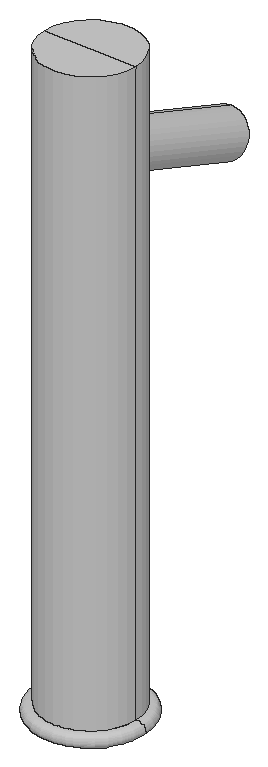
Revit family "SILVER CHROME PLATED SENSOR TAPS WITH INFRARED SENSOR_IN", category Generic Models, Revit 2017
Family settings
  Can host rebar = No
  Round Connector Dimension = Use Diameter
  Part Type = Normal
  Work Plane-Based = No
  Always vertical = Yes
  Cut with Voids When Loaded = No
  Shared = No
  Room Calculation Point = No
Parameters
  Website = " https://dolphy.in/"  # constant formula
  Model = "DAST0016"  # constant formula
  Contact number = "+91 9520202035"  # constant formula
  Contact email = "info@dolphy.in"  # constant formula
  Company name = "Dolphy India"  # constant formula
Reference planes
  plane 1 "Center (Front/Back)": y = 0
  plane 2: z = 0
  plane 3 "Center (Left/Right)": x = 0
Forms (mm)
  Revolve 1, solid, material "Silver"
    sketch origin (0, 0, 0) x (1, 0, 0) y (0, 0, 1)
      loop
        line (0, 0) -> (0, 327) -> (-25, 327) -> (-25, 7)
        spline (-25, 7) -> (-26.644, 6.9) -> (-27.875, 6.612) -> (-28.758, 6.156) -> (-29.359, 5.552) -> (-29.746, 4.817) -> (-29.983, 3.973) -> (-30.067, 3.062) -> (-29.911, 2.153) -> (-29.421, 1.32) -> (-28.502, 0.635) -> (-27.059, 0.171) -> (-25, 0)
        line (-25, 0) -> (0, 0)
      axis (0, 327) -> (0, 0)
    angle from 0 to 360
  Revolve 2, solid, material "Silver"
    sketch origin (0, 0, 0) x (0, 1, 0) y (0, 0, 1)
      loop
        line (0, 292) -> (-1.71, 287.302) -> (94.29, 252.36) -> (96, 257.059) -> (0, 292)
      axis (91.725, 245.313) -> (-4.275, 280.254)
    angle from 0 to 360
  Extrusion 3, solid, material "BLACK"
    sketch origin (0, -1.25, 0) x (1, 0, 0) y (0, 1, 0)
      loop
        arc (-12.019, 22.702) -> (0, 25.781) -> (12.019, 22.702) r 25
        line (12.019, 22.702) -> (12.608, 23.291)
        arc (12.608, 23.291) -> (0, 26.581) -> (-12.608, 23.291) r 25.8
        line (-12.608, 23.291) -> (-12.019, 22.702)
    from 187.625 to 200.147
Cuts and joins
  joined: Revolve 1, Revolve 2
Dimensions and locks
  aligned and locked: level to plane 2
Automatic sketch dimensions
  Revolve 2 sketch curve to plane 1 "Center (Front/Back)" = 0 mm
  plane 1 "Center (Front/Back)" to Revolve 2 sketch curve = 1.71 mm
  Revolve 2 sketch curve to plane 1 "Center (Front/Back)" = 94.29 mm
  level to Revolve 2 sketch curve = 252.36 mm
  Revolve 2 sketch curve to Revolve 2 sketch curve = 4.698 mm
  plane 1 "Center (Front/Back)" to Revolve 2 sketch curve = 4.275 mm
  Revolve 2 sketch curve to Revolve 2 sketch curve = 2.565 mm
  Revolve 2 sketch curve to Revolve 2 sketch curve = 7.048 mm  (x2)
  Revolve 1 sketch curve to level = 0 mm
  Revolve 1 sketch curve to plane 3 "Center (Left/Right)" = 0 mm  (x2)
  level to Revolve 1 sketch curve = 7 mm
  Revolve 1 sketch curve to plane 3 "Center (Left/Right)" = 25 mm
  Revolve 1 sketch curve to Revolve 1 sketch curve = 320 mm
  Revolve 1 sketch curve to level = 366.045 mm
  Revolve 1 sketch curve to Revolve 1 sketch curve = 1887.315 mm
  Extrusion 3 sketch curve to Extrusion 3 sketch curve = 0 mm  (x2)
  Extrusion 3 sketch curve to plane 3 "Center (Left/Right)" = 0 mm
  Extrusion 3 sketch curve to plane 3 "Center (Left/Right)" = 12.019 mm
  Extrusion 3 sketch curve to Extrusion 3 sketch curve = 0.588 mm  (x4)
  plane 1 "Center (Front/Back)" to Extrusion 3 sketch curve = 0.469 mm
  Extrusion 3 sketch curve to plane 1 "Center (Front/Back)" = 21.452 mm
